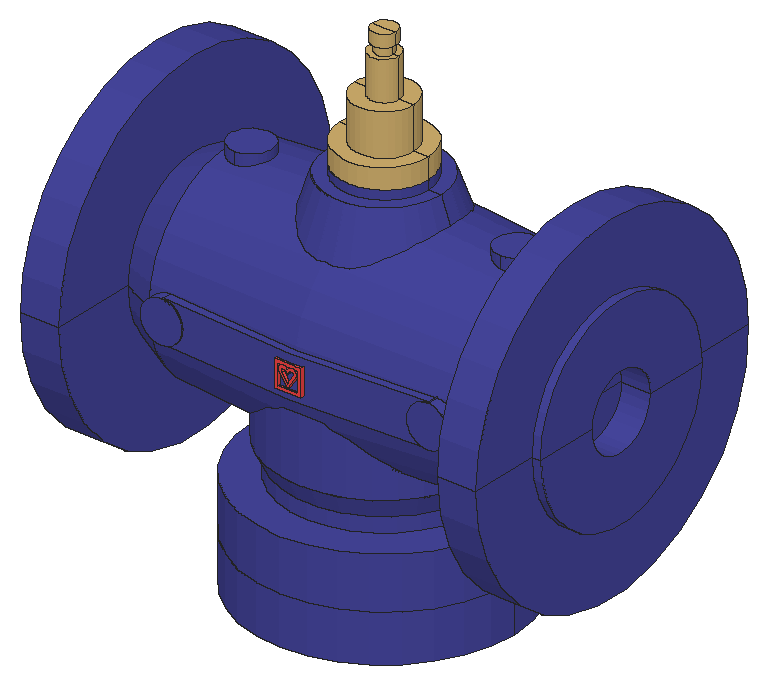
Revit family "Клапан проходной регулирующий, фланцевый F 4035_PN25", category Rohrzubehör, Revit 2020
Family settings
  Bemaßung runder Anschluss = Durchmesser verwenden
  Teiletyp = Unterbricht
  OmniClass-Nummer = 23.65.55.14
  OmniClass-Titel = Valves for Liquid Services
  Arbeitsebenenbasiert = Nein
  Immer vertikal = Ja
  Beim Laden mit Abzugskörper schneiden = Nein
  Gemeinsam genutzt = Nein
Parameters (values of type "kvs6.3")
  Среда = "Качество очистки воды должно соответствовать нормам ÖNORM H 5195 и VDI 2035 стандартам."
  Номер заказа [instance] = if(and(kvs1, Nennweite = 15 mm), 403540, if(and(kvs1.6, Nennweite = 15 mm), 403551, if(and(kvs2.5, Nennweite = 15 mm), 403561, if(and(kvs4, Nennweite = 15 mm), 403571, if(and(kvs6.3, Nennweite = 25 mm), 403543, if(and(kvs10, Nennweite = 25 mm), 403553, if(and(kvs16, Nennweite = 32 mm), 403544, if(and(kvs25, Nennweite = 40 mm), 403545, if(and(kvs40, Nennweite = 50 mm), 403556, if(and(kvs63, Nennweite = 65 mm), 403547, if(and(kvs100, Nennweite = 80 mm), 403548, if(and(kvs160, Nennweite = 100 mm), 403549, if(and(kvs250, Nennweite = 125 mm), 403550, if(and(kvs330, Nennweite = 150 mm), 403542, 0))))))))))))))  # 403543
  Вес [instance] = size_lookup("4035_PN25", "Gewicht", 25, Nennweite)  # 8
  kvs63 = no
  kvs6.3 = yes
  kvs40 = no
  kvs4 = no
  kvs330 = no
  kvs250 = no
  kvs25 = no
  kvs2.5 = no
  kvs160 = no
  kvs16 = no
  kvs100 = no
  kvs10 = no
  kvs1.6 = no
  kvs1 = no
  Седло клапана = "WN1.4021"  # constant formula
  Конус клапана (до DN50) = "WN1.4021"  # constant formula
  Конус клапана (от DN65) = "EN-GJL-250/WN1.4021"  # constant formula
  Пропускная характеристика клапана = "равнопроцентная"  # constant formula
  Vorgabe-Ansicht = 0 mm
  URL = "www.herz-armaturen.ru"
  Шток = "WN1.4404"  # constant formula
  SCTWSEQ = "FW;SBT_TYP_FW=\"101\";2"
  SCTWCODE = "04;05;02"  # constant formula
  SCRNSEQ = "ARM;ARM_TYP=\"DURR\";2"
  SCRNCODE = "05;06;02"  # constant formula
  R14 = 4 mm  # constant formula
  R13 = 3 mm  # constant formula
  R12 = 5 mm  # constant formula
  R11 [instance] = size_lookup("4035_PN25", "R11", 18 mm, Nennweite)  # 10 mm
  R10 [instance] = size_lookup("4035_PN25", "R10", 23 mm, Nennweite)  # 15 mm
  R09 [instance] = size_lookup("4035_PN25", "R9", 49 mm, Nennweite)  # 19.5 mm
  R08 [instance] = R00 + 3 mm  # 41 mm
  R07 [instance] = size_lookup("4035_PN25", "R7", 15.5 mm, Nennweite)  # 7 mm
  R06 [instance] = size_lookup("4035_PN25", "R6", 15.5 mm, Nennweite)  # 7 mm
  R05 [instance] = size_lookup("4035_PN25", "R5", 62.5 mm, Nennweite)  # 35.5 mm
  R04 [instance] = size_lookup("4035_PN25", "R4", 59.5 mm, Nennweite)  # 32.5 mm
  R03 [instance] = size_lookup("4035_PN25", "R3", 43 mm, Nennweite)  # 44 mm
  R02 [instance] = size_lookup("4035_PN25", "R2", 43 mm, Nennweite)  # 19.5 mm
  R01 [instance] = size_lookup("4035_PN25", "R1", 55.5 mm, Nennweite)  # 28.5 mm
  R00 [instance] = size_lookup("4035_PN25", "R", 65 mm, Nennweite)  # 38 mm
  PN = 25  # constant formula
  Nennweite [instance] = 25 mm
  Мин. рабочая температура = 5 °C  # constant formula
  Макс. рабочая температура = 150 °C  # constant formula
  Макс. рабочее давление = 2500000.0 Pa  # constant formula
  LO1 [instance] = size_lookup("4035_PN25", "LO1", 28.5 mm, Nennweite)  # 40 mm
  L07 [instance] = L06 - R06  # 45 mm
  L06 [instance] = size_lookup("4035_PN25", "L6", 110 mm, Nennweite)  # 52 mm
  L05 [instance] = D00  # 57.5 mm
  L03 = 10 mm  # constant formula
  L02 [instance] = size_lookup("4035_PN25", "L2", 15 mm, Nennweite)  # 13 mm
  L01 = 3 mm  # constant formula
  L00 [instance] = size_lookup("4035_PN25", "L", 145 mm, Nennweite)  # 80 mm
  Hersteller = "Herz-Armaturen GmbH"  # constant formula
  H18 [instance] = 17.5 mm  # constant formula
  H15 = 4 mm  # constant formula
  H14 [instance] = size_lookup("4035_PN25", "H14", 17 mm, Nennweite)  # 13 mm
  H13 [instance] = size_lookup("4035_PN25", "H13", 18 mm, Nennweite)  # 14 mm
  H12 [instance] = size_lookup("4035_PN25", "H12", 10.5 mm, Nennweite)  # 6.8 mm
  H11 [instance] = size_lookup("4035_PN25", "H11", 52.5 mm, Nennweite)  # 40.8 mm
  H10 [instance] = size_lookup("4035_PN25", "H10", 135.4 mm, Nennweite)  # 88.3 mm
  H09 = 3 mm  # constant formula
  H08 [instance] = size_lookup("4035_PN25", "H8", 79 mm, Nennweite)  # 44.5 mm
  H07 [instance] = R00  # 38 mm
  H06 [instance] = size_lookup("4035_PN25", "H6", 59 mm, Nennweite)  # 35 mm
  H05 [instance] = size_lookup("4035_PN25", "H5", 20 mm, Nennweite)  # 5 mm
  H04 [instance] = size_lookup("4035_PN25", "H4", 17 mm, Nennweite)  # 15 mm
  H02 [instance] = size_lookup("4035_PN25", "H2", 38 mm, Nennweite)  # 3 mm
  H03 [instance] = size_lookup("4035_PN25", "H3", 112 mm, Nennweite)  # 64 mm
  H01 [instance] = size_lookup("4035_PN25", "H1", 14 mm, Nennweite)  # 16 mm
  Корпус = "EN-GJS-400-18-LT (EN 1563)"  # constant formula
  Материал уплотнения = "70EPDM"  # constant formula
  DN80 [instance] = Nennweite = 80 mm  # no
  DN65 [instance] = Nennweite = 65 mm  # no
  DN50 [instance] = Nennweite = 50 mm  # no
  DN40 [instance] = Nennweite = 40 mm  # no
  DN32 [instance] = Nennweite = 32 mm  # no
  DN25 [instance] = Nennweite = 25 mm  # yes
  DN150 [instance] = Nennweite = 150 mm  # no
  DN15 [instance] = Nennweite = 15 mm  # no
  DN125 [instance] = Nennweite = 125 mm  # no
  DN100 [instance] = Nennweite = 100 mm  # no
  D02 [instance] = Nennweite / 2  # 12.5 mm
  D01 [instance] = size_lookup("4035_PN25", "D1", 61 mm, Nennweite)  # 34 mm
  D00 [instance] = size_lookup("4035_PN25", "D", 92.5 mm, Nennweite)  # 57.5 mm
  Область применения = "Клапан может использоваться в системах отопления, вентиляции и кондиционирования воздуха, в производственных и технологических процессах. Пропускная характеристика клапана - равнопроцентная. Соотношение регулирования (соотношение между пропускной способностью при номинальной высоте хода Kvs и минимальным значением пропускной способности, при которой погрешность регулирования находится в пределах номинального допуска Kvmin) - 30. Выбор проходного фланцевого клапана осущетвляется в соответствии с диаграммой значений kvs."
  Фланцевое соединение = "EN 1092-2"  # constant formula
Types (15, lengths in mm): name | Номер заказа | Вес | kvs63 | kvs6.3 | kvs40 | kvs4 | kvs330 | kvs250 | kvs25 | kvs2.5 | kvs160 | kvs16 | kvs100 | kvs10 | kvs1.6 | kvs1 | R11 | R10 | R09 | R08 | R07 | R06 | R05 | R04 | R03 | R02 | R01 | R00 | Nennweite | LO1 | L07 | L06 | L05 | L02 | L00 | H14 | H13 | H12 | H11 | H10 | H08 | H07 | H06 | H05 | H04 | H02 | H03 | H01 | DN80 | DN65 | DN50 | DN40 | DN32 | DN25 | DN150 | DN15 | DN125 | DN100 | D02 | D01 | D00
  (no name) | 403543 | 8 | no | yes | no | no | no | no | no | no | no | no | no | no | no | no | 10 | 15 | 19.5 | 41 | 7 | 7 | 35.5 | 32.5 | 44 | 19.5 | 28.5 | 38 | 25 | 40 | 45 | 52 | 57.5 | 13 | 80 | 13 | 14 | 6.8 | 40.8 | 88.3 | 44.5 | 38 | 35 | 5 | 15 | 3 | 64 | 16 | no | no | no | no | no | yes | no | no | no | no | 12.5 | 34 | 57.5
  kvs1 | 403540 | 5 | no | no | no | no | no | no | no | no | no | no | no | no | no | yes | 10 | 15 | 19.5 | 29.5 | 6 | 6 | 24 | 21 | 32.5 | 14 | 17 | 26.5 | 15 | 27.5 | 34 | 40 | 47.5 | 11 | 65 | 13 | 14 | 6.8 | 40.8 | 80.3 | 36.5 | 26.5 | 24.5 | 5 | 13 | 11 | 49 | 14 | no | no | no | no | no | no | no | yes | no | no | 7.5 | 22.5 | 47.5
  kvs1.6 | 403551 | 5 | no | no | no | no | no | no | no | no | no | no | no | no | yes | no | 10 | 15 | 19.5 | 29.5 | 6 | 6 | 24 | 21 | 32.5 | 14 | 17 | 26.5 | 15 | 27.5 | 34 | 40 | 47.5 | 11 | 65 | 13 | 14 | 6.8 | 40.8 | 80.3 | 36.5 | 26.5 | 24.5 | 5 | 13 | 11 | 49 | 14 | no | no | no | no | no | no | no | yes | no | no | 7.5 | 22.5 | 47.5
  kvs2.5 | 403561 | 5 | no | no | no | no | no | no | no | yes | no | no | no | no | no | no | 10 | 15 | 19.5 | 29.5 | 6 | 6 | 24 | 21 | 32.5 | 14 | 17 | 26.5 | 15 | 27.5 | 34 | 40 | 47.5 | 11 | 65 | 13 | 14 | 6.8 | 40.8 | 80.3 | 36.5 | 26.5 | 24.5 | 5 | 13 | 11 | 49 | 14 | no | no | no | no | no | no | no | yes | no | no | 7.5 | 22.5 | 47.5
  kvs4 | 403571 | 5 | no | no | no | yes | no | no | no | no | no | no | no | no | no | no | 10 | 15 | 19.5 | 29.5 | 6 | 6 | 24 | 21 | 32.5 | 14 | 17 | 26.5 | 15 | 27.5 | 34 | 40 | 47.5 | 11 | 65 | 13 | 14 | 6.8 | 40.8 | 80.3 | 36.5 | 26.5 | 24.5 | 5 | 13 | 11 | 49 | 14 | no | no | no | no | no | no | no | yes | no | no | 7.5 | 22.5 | 47.5
  kvs6.3 | 403543 | 8 | no | yes | no | no | no | no | no | no | no | no | no | no | no | no | 10 | 15 | 19.5 | 41 | 7 | 7 | 35.5 | 32.5 | 44 | 19.5 | 28.5 | 38 | 25 | 40 | 45 | 52 | 57.5 | 13 | 80 | 13 | 14 | 6.8 | 40.8 | 88.3 | 44.5 | 38 | 35 | 5 | 15 | 3 | 64 | 16 | no | no | no | no | no | yes | no | no | no | no | 12.5 | 34 | 57.5
  kvs10 | 403553 | 8 | no | no | no | no | no | no | no | no | no | no | no | yes | no | no | 10 | 15 | 19.5 | 41 | 7 | 7 | 35.5 | 32.5 | 44 | 19.5 | 28.5 | 38 | 25 | 40 | 45 | 52 | 57.5 | 13 | 80 | 13 | 14 | 6.8 | 40.8 | 88.3 | 44.5 | 38 | 35 | 5 | 15 | 3 | 64 | 16 | no | no | no | no | no | yes | no | no | no | no | 12.5 | 34 | 57.5
  kvs16 | 403544 | 11.5 | no | no | no | no | no | no | no | no | no | yes | no | no | no | no | 10 | 15 | 20.5 | 46 | 9 | 9 | 40.5 | 37.5 | 49 | 24.5 | 33.5 | 43 | 32 | 45 | 51 | 60 | 70 | 13 | 90 | 17 | 18 | 10.5 | 52.5 | 102 | 46.5 | 43 | 39 | 15 | 15 | 4 | 84 | 16 | no | no | no | no | yes | no | no | no | no | no | 16 | 39 | 70
  kvs25 | 403545 | 13 | no | no | no | no | no | no | yes | no | no | no | no | no | no | no | 10 | 15 | 20.5 | 51 | 12 | 12 | 45.5 | 42.5 | 54 | 29 | 38.5 | 48 | 40 | 50 | 56 | 68 | 75 | 13 | 100 | 17 | 18 | 10.5 | 52.5 | 112 | 56.5 | 48 | 43 | 20 | 15 | 1 | 94 | 16 | no | no | no | yes | no | no | no | no | no | no | 20 | 44 | 75
  kvs63 | 403547 | 25 | yes | no | no | no | no | no | no | no | no | no | no | no | no | no | 18 | 23 | 49 | 68 | 15.5 | 15.5 | 62.5 | 59.5 | 71 | 43 | 55.5 | 65 | 65 | 68 | 94.5 | 110 | 92.5 | 15 | 145 | 17 | 18 | 10.5 | 52.5 | 135.4 | 79 | 65 | 59 | 20 | 17 | 38 | 112 | 18 | no | yes | no | no | no | no | no | no | no | no | 32.5 | 61 | 92.5
  kvs100 | 403548 | 31 | no | no | no | no | no | no | no | no | no | no | yes | no | no | no | 18 | 23 | 49 | 76 | 15.5 | 15.5 | 70.5 | 67.5 | 79 | 51 | 63.5 | 73 | 80 | 77 | 99.5 | 115 | 100 | 17 | 155 | 17 | 18 | 10.5 | 52.5 | 168.5 | 113 | 73 | 65 | 20 | 19 | 46 | 125 | 20 | yes | no | no | no | no | no | no | no | no | no | 40 | 69 | 100
  kvs160 | 403549 | 46 | no | no | no | no | no | no | no | no | yes | no | no | no | no | no | 30 | 35 | 61 | 86 | 20.5 | 20.5 | 80.5 | 77.5 | 89 | 61 | 73.5 | 83 | 100 | 88 | 112.5 | 133 | 110 | 17 | 175 | 21 | 22 | 14.2 | 64.2 | 189.7 | 122.5 | 83 | 73 | 25 | 19 | 65 | 135 | 20 | no | no | no | no | no | no | no | no | no | yes | 50 | 79 | 110
  kvs250 | 403550 | 72 | no | no | no | no | no | yes | no | no | no | no | no | no | no | no | 30 | 35 | 61 | 101 | 20.5 | 20.5 | 95.5 | 92.5 | 104 | 76 | 88.5 | 98 | 125 | 103 | 134.5 | 155 | 125 | 19 | 200 | 21 | 22 | 14.2 | 64.2 | 231 | 163.5 | 98 | 80 | 30 | 21 | 44 | 158 | 21 | no | no | no | no | no | no | no | no | yes | no | 62.5 | 94 | 125
  kvs330 | 403542 | 91 | no | no | no | no | yes | no | no | no | no | no | no | no | no | no | 30 | 35 | 61 | 113 | 20.5 | 20.5 | 107.5 | 104.5 | 116 | 88 | 100.5 | 110 | 150 | 115 | 174.5 | 195 | 142.5 | 19 | 240 | 21 | 22 | 14.2 | 64.2 | 237.5 | 170 | 110 | 85 | 25 | 21 | 42 | 153 | 21 | no | no | no | no | no | no | yes | no | no | no | 75 | 106 | 142.5
  kvs40 | 403556 | 16 | no | no | yes | no | no | no | no | no | no | no | no | no | no | no | 18 | 23 | 49 | 56 | 13.5 | 13.5 | 52.5 | 49.5 | 61 | 34 | 45.5 | 53 | 50 | 56 | 66.5 | 80 | 82.5 | 15 | 115 | 17 | 18 | 10.5 | 52.5 | 122 | 66.5 | 53 | 43 | 1 | 15 | 42 | 67 | 18 | no | no | yes | no | no | no | no | no | no | no | 25 | 51 | 82.5
Reference planes
  plane 1 "Mitte (Vorne/hinten)": y = 0
  plane 2: z = 0
  plane 3 "Mitte (Links/rechts)": x = 0
Forms (mm)
  Revolve 1, solid, material "kunststoff-BLAU", detail levels fine
    sketch origin (1065, 0, 0) x (1, 0, 0) y (0, 1, 0)
      loop
        line (-1142, 34) -> (-1145, 34) -> (-1145, 12.5) -> (-1135, 12.5) -> (-1135, 0) -> (-995, 0) -> (-995, 12.5) -> (-985, 12.5) -> (-985, 34) -> (-988, 34) -> (-988, 57.5) -> (-1001, 57.5) -> (-1001, 28.5) -> (-1013, 34.447)
        arc (-1013, 34.447) -> (-1065, 38) -> (-1117, 34.447) r 382.331
        line (-1117, 34.447) -> (-1129, 28.5) -> (-1129, 57.5) -> (-1142, 57.5) -> (-1142, 34)
      axis (-985, 0) -> (-1145, 0)
    angle from 0 to 360
  Extrusion 2, solid, material "kunststoff-BLAU", detail levels fine
    sketch origin (0, 0, 0) x (-1, 0, 0) y (0, 0, -1)
      loop
        circle (45, 0) r 7
      loop
        circle (-45, 0) r 7
    from -38 to 38
  Extrusion 3, solid, material "kunststoff-BLAU", visible <- "DN65", detail levels fine
    sketch origin (0, 0, 0) x (1, 0, 0) y (0, 1, 0)
      loop
        arc (-95, -56.907) -> (0, -68) -> (95, -56.907) r 412.331
        line (95, -56.907) -> (95, 56.907)
        arc (95, 56.907) -> (0, 68) -> (-95, 56.907) r 412.331
        line (-95, 56.907) -> (-95, -56.907)
    from -15.5 to 15.5
  Revolve 4, solid, material "kunststoff-BLAU", detail levels fine
    sketch origin (0, 0, 0) x (1, 0, 0) y (0, 0, 1)
      loop
        line (-19.5, 44.5) -> (-35.5, 0) -> (0, 0) -> (0, 47.5) -> (-15, 47.5) -> (-15, 44.5) -> (-19.5, 44.5)
      axis (0, 47.5) -> (0, 0)
    angle from 0 to 360
  Revolve 5, solid, material "kunststoff-BLAU", detail levels fine
    sketch origin (0, 0, 0) x (1, 0, 0) y (0, 0, 1)
      loop
        line (0, 0) -> (-35.5, 0) -> (-35.5, -35) -> (-32.5, -41.5) -> (-32.5, -46.5) -> (-44, -46.5) -> (-44, -64) -> (0, -64) -> (0, 0)
      axis (0, 0) -> (0, -64)
    angle from 0 to 360
  Revolve 6, solid, material "kunststoff-BLAU", detail levels fine
    sketch origin (0, 0, 0) x (1, 0, 0) y (0, 0, 1)
      loop
        line (0, -64) -> (-44, -64) -> (-44, -80) -> (0, -80) -> (0, -64)
      axis (0, -64) -> (0, -80)
    angle from 0 to 360
  Extrusion 7, solid, material "kunststoff-BLAU", detail levels fine
    sketch origin (0, 0, 0) x (0, -1, 0) y (1, 0, 0)
      loop
        circle (0, -45) r 7
      loop
        circle (0, 45) r 7
    from -38 to 38
  Extrusion 8, solid, material "kunststoff-BLAU", visible <- "DN150", detail levels fine
    sketch origin (0, 0, 0) x (1, 0, 0) y (0, 1, 0)
      loop
        arc (-179.5, -78.475) -> (0, -115) -> (179.5, -78.475) r 459.331
        line (179.5, -78.475) -> (179.5, 78.475)
        arc (179.5, 78.475) -> (0, 115) -> (-179.5, 78.475) r 459.331
        line (-179.5, 78.475) -> (-179.5, -78.475)
    from -20.5 to 20.5
  Extrusion 9, solid, material "kunststoff-BLAU", visible <- "DN125", detail levels fine
    sketch origin (0, 0, 0) x (1, 0, 0) y (0, 1, 0)
      loop
        arc (-134.5, -82.301) -> (0, -103) -> (134.5, -82.301) r 447.331
        line (134.5, -82.301) -> (134.5, 82.301)
        arc (134.5, 82.301) -> (0, 103) -> (-134.5, 82.301) r 447.331
        line (-134.5, 82.301) -> (-134.5, -82.301)
    from -20.5 to 20.5
  Extrusion 10, solid, material "kunststoff-BLAU", visible <- "DN100", detail levels fine
    sketch origin (0, 0, 0) x (1, 0, 0) y (0, 1, 0)
      loop
        arc (-112.5, -73.106) -> (0, -88) -> (112.5, -73.106) r 432.331
        line (112.5, -73.106) -> (112.5, 73.106)
        arc (112.5, 73.106) -> (0, 88) -> (-112.5, 73.106) r 432.331
        line (-112.5, 73.106) -> (-112.5, -73.106)
    from -20.5 to 20.5
  Extrusion 11, solid, material "kunststoff-BLAU", visible <- "DN80", detail levels fine
    sketch origin (0, 0, 0) x (1, 0, 0) y (0, 1, 0)
      loop
        line (99.5, -65.083) -> (99.5, 65.083)
        arc (99.5, 65.083) -> (0, 77) -> (-99.5, 65.083) r 421.331
        line (-99.5, 65.083) -> (-99.5, -65.083)
        arc (-99.5, -65.083) -> (0, -77) -> (99.5, -65.083) r 421.331
    from -15.5 to 15.5
  Extrusion 12, solid, material "kunststoff-BLAU", visible <- "DN50", detail levels fine
    sketch origin (0, 0, 0) x (1, 0, 0) y (0, 1, 0)
      loop
        arc (-66.5, -50.44) -> (0, -56.006) -> (66.5, -50.44) r 400.05
        line (66.5, -50.44) -> (66.5, 50.44)
        arc (66.5, 50.44) -> (0, 56.006) -> (-66.5, 50.44) r 400.05
        line (-66.5, 50.44) -> (-66.5, -50.44)
    from -13.5 to 13.5
  Extrusion 13, solid, material "kunststoff-BLAU", visible <- "DN40", detail levels fine
    sketch origin (0, 0, 0) x (1, 0, 0) y (0, 1, 0)
      loop
        arc (-56, -46.003) -> (0, -50) -> (56, -46.003) r 394.331
        line (56, -46.003) -> (56, 46.003)
        arc (56, 46.003) -> (0, 50) -> (-56, 46.003) r 394.331
        line (-56, 46.003) -> (-56, -46.003)
    from -12 to 12
  Extrusion 14, solid, material "kunststoff-BLAU", visible <- "DN32", detail levels fine
    sketch origin (0, 0, 0) x (1, 0, 0) y (0, 1, 0)
      loop
        arc (-51, -41.645) -> (0, -45) -> (51, -41.645) r 389.331
        line (51, -41.645) -> (51, 41.645)
        arc (51, 41.645) -> (0, 45) -> (-51, 41.645) r 389.331
        line (-51, 41.645) -> (-51, -41.645)
    from -9 to 9
  Extrusion 15, solid, material "kunststoff-BLAU", visible <- "DN25", detail levels fine
    sketch origin (0, 0, 0) x (1, 0, 0) y (0, 1, 0)
      loop
        line (45, -37.356) -> (45, 37.356)
        arc (45, 37.356) -> (0, 40) -> (-45, 37.356) r 384.331
        line (-45, 37.356) -> (-45, -37.356)
        arc (-45, -37.356) -> (0, -40) -> (45, -37.356) r 384.331
    from -7 to 7
  Extrusion 16, solid, material "kunststoff-BLAU", visible <- "DN15", detail levels fine
    sketch origin (0, 0, 0) x (1, 0, 0) y (0, 1, 0)
      loop
        line (-34, 25.942) -> (-34, -25.942)
        arc (-34, -25.942) -> (0, -27.5) -> (34, -25.942) r 371.831
        line (34, -25.942) -> (34, 25.942)
        arc (34, 25.942) -> (0, 27.5) -> (-34, 25.942) r 371.831
    from -6 to 6
  Revolve 17, solid, material "Messing-poliert", detail levels fine
    sketch origin (0, 0, 0) x (1, 0, 0) y (0, 0, 1)
      loop
        line (-15, 54.3) -> (-15, 47.5) -> (0, 47.5) -> (0, 88.3) -> (-4, 88.3) -> (-4, 84.3) -> (-3, 84.3) -> (-3, 81.3) -> (-5, 81.3) -> (-5, 68.3) -> (-10, 68.3) -> (-10, 54.3) -> (-15, 54.3)
      axis (0, 88.3) -> (0, 47.5)
    angle from 0 to 360
Lines and regions (mm)
  model lines, detail levels coarse+medium
    curve 1: line (80, 57.5, 0) -> (80, -57.5, 0)
    curve 2: line (80, -57.5, 0) -> (-80, 57.5, 0)
    curve 3: line (-80, 57.5, 0) -> (-80, -57.5, 0)
    curve 4: line (-80, -57.5, 0) -> (80, 57.5, 0)
    curve 5: line (80, 0, 57.5) -> (80, 0, -57.5)
    curve 6: line (80, 0, -57.5) -> (-80, 0, 57.5)
    curve 7: line (-80, 0, 57.5) -> (-80, 0, -57.5)
    curve 8: line (-80, 0, -57.5) -> (80, 0, 57.5)
Dimensions and locks
  "L00": Revolve 1 sketch curve to plane 3 "Mitte (Links/rechts)" to Revolve 1 sketch curve
  "D00": plane 1 "Mitte (Vorne/hinten)" to Revolve 1 sketch curve  (x2)
  "D02": plane 1 "Mitte (Vorne/hinten)" to Revolve 1 sketch curve  (x2)
  "L01": Revolve 1 sketch curve to Revolve 1 sketch curve  (x2)
  "L02": Revolve 1 sketch curve to Revolve 1 sketch curve  (x2)
  "D01": plane 1 "Mitte (Vorne/hinten)" to Revolve 1 sketch curve  (x2)
  "R01": plane 1 "Mitte (Vorne/hinten)" to Revolve 1 sketch curve  (x2)
  "R00": Revolve 1 sketch curve to Revolve 1 sketch curve
  "L03": Revolve 1 sketch curve to Revolve 1 sketch curve  (x2)
  "H01": Revolve 6 sketch curve to Revolve 6 sketch curve
  "R03": plane 3 "Mitte (Links/rechts)" to Revolve 6 sketch curve
  "R03": Revolve 5 sketch curve to Revolve 5 sketch curve
  "H03": plane 2 to Revolve 5 sketch curve
  "H06": Revolve 5 sketch curve to Revolve 5 sketch curve
  "R04": Revolve 5 sketch curve to Revolve 5 sketch curve
  "R05": Revolve 5 sketch curve to Revolve 5 sketch curve
  "H05": Revolve 5 sketch curve to Revolve 5 sketch curve
  "L06": Revolve 1 sketch curve to plane 3 "Mitte (Links/rechts)" to Revolve 1 sketch curve
  "H03": plane 2 to Revolve 6 sketch curve
  "R09": Revolve 4 sketch curve to Revolve 4 sketch curve
  "R05": Revolve 4 sketch curve to Revolve 4 sketch curve
  "H07": Extrusion 7 to plane 2 to Extrusion 7  (x2)
  "L07": plane 3 "Mitte (Links/rechts)" to Extrusion 7 sketch curve
  "L07": Extrusion 7 sketch curve to plane 3 "Mitte (Links/rechts)"
  "H07": Extrusion 2 to plane 1 "Mitte (Vorne/hinten)"  (x3)
  "L07": plane 3 "Mitte (Links/rechts)" to Extrusion 2 sketch curve
  "L07": Extrusion 2 sketch curve to plane 3 "Mitte (Links/rechts)"
  "H07": plane 1 "Mitte (Vorne/hinten)" to Extrusion 2
  "H08": Revolve 4 sketch curve to plane 2
  "H09": Revolve 4 sketch curve to Revolve 4 sketch curve
  "R10": plane 3 "Mitte (Links/rechts)" to Revolve 4 sketch curve
  "H11": Revolve 17 sketch curve to Revolve 17 sketch curve
  "H10": Revolve 17 sketch curve to plane 2
  "R10": plane 3 "Mitte (Links/rechts)" to Revolve 17 sketch curve
  "H12": Revolve 17 sketch curve to Revolve 17 sketch curve
  "H13": Revolve 17 sketch curve to Revolve 17 sketch curve
  "H14": Revolve 17 sketch curve to Revolve 17 sketch curve
  "H15": Revolve 17 sketch curve to Revolve 17 sketch curve
  "R14": plane 3 "Mitte (Links/rechts)" to Revolve 17 sketch curve
  "R13": plane 3 "Mitte (Links/rechts)" to Revolve 17 sketch curve
  "R11": plane 3 "Mitte (Links/rechts)" to Revolve 17 sketch curve
  "R12": plane 3 "Mitte (Links/rechts)" to Revolve 17 sketch curve
  "LO1": nested 1 to plane 1 "Mitte (Vorne/hinten)"
  "H18": Revolve 5 sketch curve to Revolve 6
  "L00": curve 3 to plane 3 "Mitte (Links/rechts)" to curve 1
  "D00": curve 4 to plane 1 "Mitte (Vorne/hinten)" to curve 3
  "D00": curve 2 to plane 1 "Mitte (Vorne/hinten)" to curve 4
  "L00": curve 7 to plane 3 "Mitte (Links/rechts)" to curve 5
  "D00": curve 8 to plane 2 to curve 6
  "D00": curve 7 to plane 2 to curve 8
  "R06": radius of Extrusion 7 sketch curve  (x2)
  "R07": radius of Extrusion 2 sketch curve  (x2)
  aligned and locked: level to plane 2
Automatic sketch dimensions
  Extrusion 3 sketch curve to plane 1 "Mitte (Vorne/hinten)" = 56.907 mm  (x2)
  Extrusion 3 sketch curve to plane 3 "Mitte (Links/rechts)" = 0 mm  (x2)
  Extrusion 3 sketch curve to Extrusion 3 sketch curve = 113.814 mm
  Extrusion 3 sketch curve to Extrusion 3 sketch curve = 287.425 mm
  Extrusion 3 sketch curve to plane 1 "Mitte (Vorne/hinten)" = 344.331 mm
  plane 3 "Mitte (Links/rechts)" to Extrusion 3 sketch curve = 95 mm
  Extrusion 8 sketch curve to plane 3 "Mitte (Links/rechts)" = 0 mm  (x2)
  Extrusion 8 sketch curve to plane 1 "Mitte (Vorne/hinten)" = 78.475 mm  (x2)
  plane 1 "Mitte (Vorne/hinten)" to Extrusion 8 sketch curve = 78.475 mm
  Extrusion 8 sketch curve to plane 3 "Mitte (Links/rechts)" = 179.5 mm
  Extrusion 8 sketch curve to Extrusion 8 sketch curve = 265.857 mm
  Extrusion 8 sketch curve to plane 1 "Mitte (Vorne/hinten)" = 344.331 mm
  plane 3 "Mitte (Links/rechts)" to Extrusion 9 sketch curve = 134.5 mm
  plane 1 "Mitte (Vorne/hinten)" to Extrusion 9 sketch curve = 82.301 mm  (x2)
  Extrusion 9 sketch curve to plane 3 "Mitte (Links/rechts)" = 0 mm  (x2)
  Extrusion 9 sketch curve to Extrusion 9 sketch curve = 262.031 mm  (x2)
  Extrusion 9 sketch curve to plane 1 "Mitte (Vorne/hinten)" = 82.301 mm
  Extrusion 10 sketch curve to plane 3 "Mitte (Links/rechts)" = 0 mm  (x2)
  plane 1 "Mitte (Vorne/hinten)" to Extrusion 10 sketch curve = 73.106 mm
  Extrusion 10 sketch curve to plane 3 "Mitte (Links/rechts)" = 112.5 mm
  Extrusion 10 sketch curve to Extrusion 10 sketch curve = 271.225 mm
  Extrusion 10 sketch curve to plane 1 "Mitte (Vorne/hinten)" = 344.331 mm
  Extrusion 10 sketch curve to plane 1 "Mitte (Vorne/hinten)" = 73.106 mm  (x2)
  Extrusion 11 sketch curve to plane 3 "Mitte (Links/rechts)" = 0 mm  (x2)
  plane 1 "Mitte (Vorne/hinten)" to Extrusion 11 sketch curve = 65.083 mm  (x2)
  Extrusion 11 sketch curve to plane 3 "Mitte (Links/rechts)" = 99.5 mm
  Extrusion 11 sketch curve to Extrusion 11 sketch curve = 279.249 mm
  Extrusion 11 sketch curve to plane 1 "Mitte (Vorne/hinten)" = 344.331 mm
  Extrusion 11 sketch curve to plane 1 "Mitte (Vorne/hinten)" = 65.083 mm
  Extrusion 12 sketch curve to plane 3 "Mitte (Links/rechts)" = 0 mm  (x2)
  Extrusion 12 sketch curve to plane 3 "Mitte (Links/rechts)" = 66.5 mm
  plane 3 "Mitte (Links/rechts)" to Extrusion 12 sketch curve = 66.5 mm
  plane 1 "Mitte (Vorne/hinten)" to Extrusion 12 sketch curve = 344.044 mm
  plane 1 "Mitte (Vorne/hinten)" to Extrusion 12 sketch curve = 50.44 mm
  Extrusion 12 sketch curve to plane 1 "Mitte (Vorne/hinten)" = 50.44 mm
  Extrusion 12 sketch curve to Extrusion 12 sketch curve = 293.604 mm
  Extrusion 13 sketch curve to plane 3 "Mitte (Links/rechts)" = 0 mm  (x2)
  Extrusion 13 sketch curve to plane 3 "Mitte (Links/rechts)" = 56 mm
  plane 3 "Mitte (Links/rechts)" to Extrusion 13 sketch curve = 56 mm
  plane 1 "Mitte (Vorne/hinten)" to Extrusion 13 sketch curve = 344.331 mm
  plane 1 "Mitte (Vorne/hinten)" to Extrusion 13 sketch curve = 46.003 mm
  Extrusion 13 sketch curve to plane 1 "Mitte (Vorne/hinten)" = 46.003 mm
  Extrusion 13 sketch curve to Extrusion 13 sketch curve = 298.328 mm
  Extrusion 14 sketch curve to plane 3 "Mitte (Links/rechts)" = 0 mm  (x2)
  Extrusion 14 sketch curve to plane 3 "Mitte (Links/rechts)" = 51 mm
  plane 3 "Mitte (Links/rechts)" to Extrusion 14 sketch curve = 51 mm
  plane 1 "Mitte (Vorne/hinten)" to Extrusion 14 sketch curve = 344.331 mm
  plane 1 "Mitte (Vorne/hinten)" to Extrusion 14 sketch curve = 41.645 mm
  Extrusion 14 sketch curve to plane 1 "Mitte (Vorne/hinten)" = 41.645 mm
  Extrusion 14 sketch curve to Extrusion 14 sketch curve = 302.686 mm
  Extrusion 15 sketch curve to plane 3 "Mitte (Links/rechts)" = 0 mm  (x2)
  Extrusion 15 sketch curve to plane 3 "Mitte (Links/rechts)" = 45 mm
  plane 3 "Mitte (Links/rechts)" to Extrusion 15 sketch curve = 45 mm
  plane 1 "Mitte (Vorne/hinten)" to Extrusion 15 sketch curve = 344.331 mm
  plane 1 "Mitte (Vorne/hinten)" to Extrusion 15 sketch curve = 37.356 mm
  Extrusion 15 sketch curve to plane 1 "Mitte (Vorne/hinten)" = 37.356 mm
  Extrusion 15 sketch curve to Extrusion 15 sketch curve = 306.975 mm
  Extrusion 16 sketch curve to plane 3 "Mitte (Links/rechts)" = 0 mm  (x2)
  Extrusion 16 sketch curve to plane 3 "Mitte (Links/rechts)" = 34 mm
  plane 3 "Mitte (Links/rechts)" to Extrusion 16 sketch curve = 34 mm
  plane 1 "Mitte (Vorne/hinten)" to Extrusion 16 sketch curve = 344.331 mm
  plane 1 "Mitte (Vorne/hinten)" to Extrusion 16 sketch curve = 25.942 mm
  Extrusion 16 sketch curve to plane 1 "Mitte (Vorne/hinten)" = 25.942 mm
  Extrusion 16 sketch curve to Extrusion 16 sketch curve = 318.389 mm
  plane 1 "Mitte (Vorne/hinten)" to Revolve 1 sketch curve = 0 mm  (x2)
  Revolve 1 sketch curve to plane 3 "Mitte (Links/rechts)" = 0 mm
  plane 1 "Mitte (Vorne/hinten)" to Revolve 1 sketch curve = 344.331 mm
  Revolve 1 sketch curve to Revolve 1 sketch curve = 1855 mm  (x2)
  Extrusion 2 sketch curve to level = 0 mm  (x2)
  Revolve 4 sketch curve to level = 0 mm
  Revolve 4 sketch curve to plane 3 "Mitte (Links/rechts)" = 0 mm  (x2)
  Revolve 4 sketch curve to Revolve 4 sketch curve = 366.045 mm
  Revolve 4 sketch curve to Revolve 4 sketch curve = 2132.315 mm
  Revolve 5 sketch curve to level = 0 mm
  Revolve 5 sketch curve to plane 3 "Mitte (Links/rechts)" = 0 mm  (x2)
  Revolve 5 sketch curve to Revolve 5 sketch curve = 254.045 mm
  level to Revolve 5 sketch curve = 2214.315 mm
  Revolve 6 sketch curve to plane 3 "Mitte (Links/rechts)" = 0 mm  (x2)
  Revolve 6 sketch curve to Revolve 6 sketch curve = 0 mm
  level to Revolve 6 sketch curve = 2214.315 mm
  plane 1 "Mitte (Vorne/hinten)" to Extrusion 7 sketch curve = 0 mm  (x2)
  Revolve 17 sketch curve to plane 3 "Mitte (Links/rechts)" = 0 mm  (x2)
  Revolve 17 sketch curve to level = 366.045 mm
  Revolve 17 sketch curve to Revolve 17 sketch curve = 2079.815 mm
Nested families
  nested 1: "Herz-Logo-vorne" at (-0.018, -40, 0) x (0, 1, 0) z (0, 0, 1), type "Herz-Logo-vorne", detail levels fine
Connectors
  piping at (-80, 0, 0), diameter 25, driven by "Nennweite"
    settings: on Revolve 1, index 1, connector inside diameter 609.6 mm, connector length 0 mm, flow factor 0, pipe flow 0.0 L/s, pressure drop 0.0 Pa, fitting loss kfactor 0, connector angle 0.00°, fixture units 0, engagement length 0 mm, angle of deflection 0.00°, flow configuration 0, flow direction 1, fitting loss method 0, system type 29, joint type 0, gender type 0, connector reference index -1, connector utility 0, adjustable connector no, is connector primary yes, connector description ""
  piping at (80, 0, 0), diameter 25, driven by "Nennweite"
    settings: on Revolve 1, index 2, connector inside diameter 609.6 mm, connector length 0 mm, flow factor 0, pipe flow 0.0 L/s, pressure drop 0.0 Pa, fitting loss kfactor 0, connector angle 0.00°, fixture units 0, engagement length 0 mm, angle of deflection 0.00°, flow configuration 0, flow direction 2, fitting loss method 0, system type 29, joint type 0, gender type 0, connector reference index -1, connector utility 0, adjustable connector no, is connector primary no, connector description ""
Definition of nested family "Herz-Logo-vorne"
  Parameters (values of type "Herz-Logo-vorne")
    Default Elevation = 0 mm
  Reference planes
    plane 1 "Mitte (Vorne/hinten)": y = 0
    plane 2: z = 0
    plane 3 "Mitte (Links/rechts)": x = 0
  Forms (mm)
    Extrusion 1, solid
      sketch origin (0.732, -0.018, 0.017) x (0, -1, 0) y (0, 0, 1)
        loop
          line (-0.018, -4.517) -> (4.482, -4.517) -> (4.482, 4.483) -> (-4.518, 4.483) -> (-4.518, -4.517) -> (-0.018, -4.517)
        loop
          line (-0.05, -3.48) -> (3.482, -3.48) -> (3.482, 3.483) -> (-3.518, 3.483) -> (-3.518, -3.48) -> (-0.05, -3.48)
        loop
          arc (-0.018, 2.383) -> (-1.543, 3.287) -> (-3.067, 2.383) r 1.738
          arc (-3.067, 2.383) -> (-3.191, 1.899) -> (-3.067, 1.415) r 1.009
          line (-3.067, 1.415) -> (-0.018, -3.281) -> (3.032, 1.415)
          arc (3.032, 1.415) -> (3.156, 1.899) -> (3.032, 2.383) r 1.009
          arc (3.032, 2.383) -> (1.507, 3.287) -> (-0.018, 2.383) r 1.738
        loop
          arc (1.885, 1.272) -> (2.005, 1.675) -> (1.885, 2.079) r 0.74
          arc (1.885, 2.079) -> (1.265, 2.416) -> (0.644, 2.079) r 0.74
          line (0.644, 2.079) -> (-0.018, 0.97) -> (-0.679, 2.079)
          arc (-0.679, 2.079) -> (-1.3, 2.416) -> (-1.921, 2.079) r 0.74
          arc (-1.921, 2.079) -> (-2.04, 1.675) -> (-1.921, 1.272) r 0.74
          line (-1.921, 1.272) -> (-0.018, -1.658) -> (1.885, 1.272)
      from 0 to 1.5
  Dimensions and locks
    aligned and locked: level to plane 2
